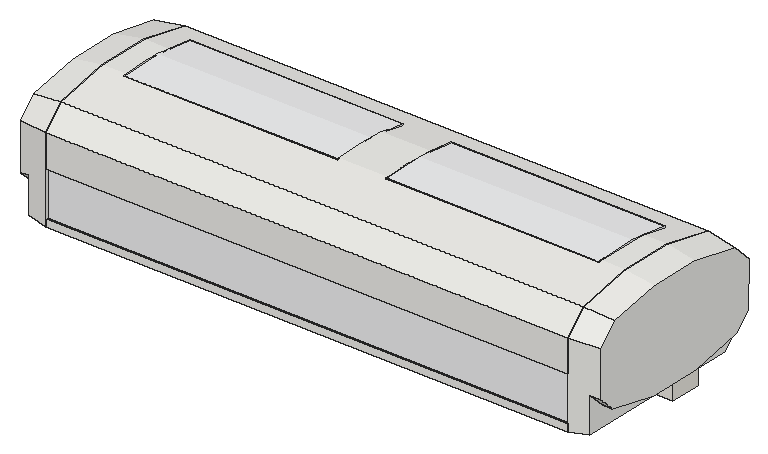
Revit family "Thermoscreens_MechanicalEquipment_AirCurtains_JetOverdoorHeaterx", category Mechanical Equipment, host Face, Revit 2019
Family settings
  Host = Face
  Round Connector Dimension = Use Diameter
  Classification = None
  Part Type = Normal
  Cut with Voids When Loaded = Yes
  Shared = No
  Room Calculation Point = No
Parameters (values of type "Jet 3")
  Weight = 4.50 kg
  WallMounting [instance] = yes
  TypeOfHeating = "Electric"
  Supply = "230V~1P&N"
  NoiseOutput = "46.5 dB(A) @3m"
  MaximumVelocity = "6.0 m/s"
  MaximumAirVolume = "200 m3/h"
  MaintainenceAccessZone [instance] = no
  HeatOutput = "1.5 / 3.0 kW"
  ElectricalInput = "3030 W"
  DischargeAir [instance] = no
  AnglePlacement [instance] = if(Angle = 90.00°, 44.50 mm, 0.00 mm)  # 44.50 mm
  _ObjectUserGuide = "https://www.bimstore.co/products/jet-overdoor-heater/document/object-user-guide"
  _DistributedBy = "www.bimstore.co"
  _CurrentRevision = 1
  _CreatedBy = "www.bimstore.co"
  _BimSpecGuid = 0
  _BSBibleVersion = 16
  _AuthorizedBy = "bimstore"
  _Author = "AM"
  WarrantyStartDate [instance] = "Date of Purchase"
  WarrantyGuarantorParts = "sales@thermoscreens.com"
  WarrantyGuarantorLabor = "sales@thermoscreens.com"
  WarrantyDurationUnit = "Year"
  WarrantyDurationParts = "0"
  WarrantyDurationLabor = "0"
  WarrantyDescription = "n/a"
  NBSOfficeMasterTag = "n/a"
  URL = "https://thermoscreens.com/"
  TypeName = Type Comments  # "Thermoscreens Jet Series Intelligent Overdoor Heater"
  Type Comments = "Thermoscreens Jet Series Intelligent Overdoor Heater"
  SpareParts = "n/a"
  Size = "600 x 120 x 201mm"
  Shape = "n/a"
  SerialNumber [instance] = "Please record on commissioning"
  ReplacementCost = "n/a"
  ReferencedStandard = "n/a"
  ProductionYear = "2022"
  NominalDepth = Depth  # 120.00 mm
  NBSReference = "90-40-35/310"
  NBSObjectName = "Thermoscreens - Overdoor Heater"
  NBSNote = ""
  NBSDescription = "Overdoor Heater"
  ModelReference = Type Comments  # "Thermoscreens Jet Series Intelligent Overdoor Heater"
  ModelNumber = Model  # "Jet 3"
  Model = "Jet 3"
  Material = "n/a"
  ManufacturerName = "Thermoscreens"
  Manufacturer = "Thermoscreens"
  Length = A  # 602.00 mm
  Keynote = "U"
  InstallationDate [instance] = "Please record on commissioning"
  IfcExportType = "AIRCONDITIONINGUNIT"
  IfcExportAs = "IfcUnitaryEquipmentType"
  Height = 201.00 mm  # constant formula
  Grade = "n/a"
  Finish = "n/a"
  Features = "- Lot 20 compliant\r\n- Seven-day timer\r\n- Electric heating\r\n- Remote controlled\r\n- 1 year warranty\r\n- 600mm wide\r\n- Up to 2.3m mounting height\r\n- Standard RAL 9016 (white)\r\n- Two heat settings\r\n- IP20 rated\r\n- ‘Fan only’ option to recirculate air in Summer"
  ExpectedLife = 0
  DurationUnit = "Year"
  DocumentationTechnical = "https://www.bimstore.co/products/jet-overdoor-heater/document/technical-data-sheet"
  DocumentationMaintenance = "https://www.bimstore.co/products/jet-overdoor-heater/document/maintenance-information"
  DocumentationLiterature = "https://www.bimstore.co/products/jet-overdoor-heater/document/product-literature"
  DocumentationInstallationGuide = "https://www.bimstore.co/products/jet-overdoor-heater/document/installation-guide"
  DocumentationCertificates = "https://www.bimstore.co/products/jet-overdoor-heater/document/product-certificates"
  Description = "Lot 20 compliant, intelligent and energy saving the Jet overdoor heater provides warmth and comfort to the surrounding area. This makes it an ideal solution for doorways that are not used regularly and are normally kept shut."
  Depth = 120.00 mm  # constant formula
  CreatedOn = "2022-01-26 T09:00:00"
  CreatedBy = "sales@thermoscreens.com"
  NominalLength = Length  # 602.00 mm
  NominalHeight = Height  # 201.00 mm
  Default Elevation = 0.00 mm
  Constituents = "n/a"
  Color = "RAL 9016"
  CodePerformance = "n/a"
  ClassificationValue = "Pr_70_60_36_02"
  ClassificationName = "Uniclass2015"
  CeilingMounting [instance] = not(WallMounting)  # no
  BarCode [instance] = "Please record on commissioning"
  BIMObjectName = "Thermoscreens_MechanicalEquipment_OverdoorHeater_JetOverdoorHeater_Jet3"
  B = 428.00 mm
  AssetType = "Fixed"
  AssetIdentifier [instance] = "Please record on commissioning"
  Assembly Code = "D3090400"
  Angle [instance] = if(WallMounting, 90.00°, 0.00°)  # 90.00°
  AirIntake [instance] = no
  AccessibilityPerformance = "n/a"
  A = 602.00 mm
Reference planes
  plane 1 "Center (Front/Back)": y = 0
  plane 2: z = 0
  plane 3 "Center (Left/Right)": x = 0
  plane 4: y = 16.5
  plane 5: y = -16.5
  plane 6: z = 46
  plane 7: x = -214
  plane 8: x = 214
  plane 9: x = -301
  plane 10: x = 301
  plane 11: x = -254
  plane 12: x = 254
  plane 13: z = 67.07
  plane 14: z = 37
  plane 15: y = 28
  plane 16: x = -80
Forms (mm)
  Extrusion 1, solid, material "Thermoscreens - Metal - Zinc Plated Steel - PowderCoated - RAL9010"
    sketch origin (0, 0, 0) x (0, 1, 0) y (0, 0, 1)
      loop
        line (16.5, 67.07) -> (-16.5, 67.07) -> (-16.5, 0) -> (16.5, 0) -> (16.5, 67.07)
    from 254 to -254
Lines and regions (mm)
  reference lines
    curve 1: line (0, 28, 46) -> (0, -72, 46)
Dimensions and locks
  equal spacing: plane 4, plane 1 "Center (Front/Back)", plane 5
  locked: plane 4 to plane 5 at 33
  locked: plane 6 to level at 46
  equal spacing: plane 7, plane 3 "Center (Left/Right)", plane 8
  "B": plane 7 to plane 8
  equal spacing: plane 9, plane 3 "Center (Left/Right)", plane 10
  "A": plane 9 to plane 10
  locked: plane 11 to plane 7 at 40
  locked: plane 8 to plane 12 at 40
  locked: plane 13 to plane 6 at 21.07
  plane 14 to level = 37.00 mm
  "AnglePlacement": plane 15 to plane 5
  locked: plane 16 to plane 3 "Center (Left/Right)" at 80
  "Angle": angle curve 1 to plane 15
  aligned and locked: plane 2 to host face
  aligned and locked: level to host face
  aligned and locked: Extrusion 1 sketch curve to plane 5
  aligned and locked: Extrusion 1 sketch curve to plane 4
  aligned and locked: level to Extrusion 1 sketch curve
  aligned and locked: Extrusion 1 to plane 11
  aligned and locked: Extrusion 1 to plane 12
  aligned and locked: plane 3 "Center (Left/Right)" to nested 1
  aligned and locked: Extrusion 1 sketch curve to plane 13
  aligned and locked: plane 6 to curve 1
  aligned and locked: plane 15 to curve 1
  aligned and locked: curve 1 to nested 1
Automatic sketch dimensions
  host sketch curve to host sketch curve = 2500.00 mm  (x2)
Nested families
  nested 1: "JetUnit" at (0, -72.5, 46), AirIntake <- "AirIntake", DischargeAir <- "DischargeAir", MaintenanceAccessZone <- "MaintainenceAccessZone", type "JetUnit"
    with MaintenanceAccessZone no, DischargeAir no, AirIntake no
Connectors
  electrical at (-80, 58, 90)
    settings: on nested 1, index 1, voltage 0 V, apparent load 0 VA, apparent load phase1 0 VA, apparent load phase2 0 VA, apparent load phase3 0 VA, power factor 1, load classification "Other", number of poles 1, system type 30, power factor state 1, is connector primary yes, connector utility no, sub classification motor no, connector description ""
Definition of nested family "JetUnit"
  Parameters (values of type "JetUnit")
    MaintenanceAccessZone [instance] = no
    Length = 602.00 mm
    Height = 120.00 mm
    DischargeAir [instance] = no
    Depth = 201.00 mm
    Default Elevation = 1219.20 mm
    AirIntake [instance] = no
  Reference planes
    plane 1 "Center (Front/Back)": y = 0
    plane 2: z = 0
    plane 3 "Center (Left/Right)": x = 0
    plane 4: x = -301
    plane 5: x = 301
    plane 6: y = 100.5
    plane 7: y = -100.5
    plane 8: z = 120
    plane 9: x = 271
    plane 10: x = -271
    plane 11: y = 95.5
    plane 12: x = -291
    plane 13: x = 291
    plane 14: z = 54.5
    plane 15: z = 7.5
    plane 16: y = -95.5
    plane 17: y = -98
    plane 18: x = -246
    plane 19: x = -25
    plane 20: x = 246
    plane 21: x = 25
    plane 22: y = 55.5
    plane 23: y = -29.5
    plane 24: z = 88
    plane 25: y = -2400.5
    plane 26: x = -80
    plane 27: z = 44
    plane 28: y = 130.5
    plane 29: x = -90
    plane 30: x = -90
    plane 31: through (0, 55.5, 114.362) normal (0, 0.0477, 0.9989)
    plane 32: y = 200.5
    plane 33: y = -300.5
    plane 34: z = 390
  Forms (mm)
    Extrusion 1, solid, detail levels medium+fine
      sketch origin (0, 0, 0) x (0, 1, 0) y (0, 0, 1)
        loop
          line (100.5, 88) -> (80.5, 108)
          arc (80.5, 108) -> (0, 120) -> (-80.5, 108) r 276.01
          line (-80.5, 108) -> (-100.5, 88) -> (-100.5, 44.146)
          arc (-100.5, 44.146) -> (-100.31, 43.19) -> (-99.768, 42.378) r 2.5
          line (-99.768, 42.378) -> (-80.943, 23.553)
          arc (-80.943, 23.553) -> (-80.459, 23.176) -> (-79.898, 22.928) r 2.5
          arc (-79.898, 22.928) -> (0, 11.111) -> (79.898, 22.928) r 276.01
          arc (79.898, 22.928) -> (80.459, 23.176) -> (80.943, 23.553) r 2.5
          line (80.943, 23.553) -> (99.768, 42.378)
          arc (99.768, 42.378) -> (100.31, 43.19) -> (100.5, 44.146) r 2.5
          line (100.5, 44.146) -> (100.5, 88)
        loop
          line (95.5, 85.929) -> (77.852, 103.577)
          arc (77.852, 103.577) -> (0, 115) -> (-77.852, 103.577) r 271.01
          line (-77.852, 103.577) -> (-95.5, 85.929) -> (-95.5, 45.182) -> (-77.852, 27.533)
          arc (-77.852, 27.533) -> (0, 16.111) -> (77.852, 27.533) r 271.01
          line (77.852, 27.533) -> (95.5, 45.182) -> (95.5, 85.929)
      from -271 to 271
    Blend 2, solid, detail levels medium+fine
      base sketch origin (0, 0, 0) x (0, 1, 0) y (0, 0, 1)
        loop
          line (100.5, 88) -> (80.5, 108)
          arc (80.5, 108) -> (0, 120) -> (-80.5, 108) r 276.01
          line (-80.5, 108) -> (-100.5, 88) -> (-100.5, 44.146)
          arc (-100.5, 44.146) -> (-100.31, 43.19) -> (-99.768, 42.378) r 2.5
          line (-99.768, 42.378) -> (-80.943, 23.553)
          arc (-80.943, 23.553) -> (-80.459, 23.176) -> (-79.898, 22.928) r 2.5
          arc (-79.898, 22.928) -> (0, 11.111) -> (79.898, 22.928) r 276.01
          arc (79.898, 22.928) -> (80.459, 23.176) -> (80.943, 23.553) r 2.5
          line (80.943, 23.553) -> (99.768, 42.378)
          arc (99.768, 42.378) -> (100.31, 43.19) -> (100.5, 44.146) r 2.5
          line (100.5, 44.146) -> (100.5, 88)
      top sketch origin (0, 0, 0) x (0, 1, 0) y (0, 0, 1)
        loop
          line (95.5, 45.182) -> (95.5, 85.929) -> (77.852, 103.577)
          arc (77.852, 103.577) -> (0, 115) -> (-77.852, 103.577) r 271.01
          line (-77.852, 103.577) -> (-95.5, 85.929) -> (-95.5, 45.182) -> (-77.852, 27.533)
          arc (-77.852, 27.533) -> (0, 16.111) -> (77.852, 27.533) r 271.01
          line (77.852, 27.533) -> (95.5, 45.182)
      from 271 to 301
    Blend 3, solid, detail levels medium+fine
      base sketch origin (0, 0, 0) x (0, 1, 0) y (0, 0, -1)
        loop
          line (100.5, -88) -> (100.5, -44.146)
          arc (100.5, -44.146) -> (100.31, -43.19) -> (99.768, -42.378) r 2.5
          line (99.768, -42.378) -> (80.943, -23.553)
          arc (80.943, -23.553) -> (80.459, -23.176) -> (79.898, -22.928) r 2.5
          arc (79.898, -22.928) -> (0, -11.111) -> (-79.898, -22.928) r 276.01
          arc (-79.898, -22.928) -> (-80.459, -23.176) -> (-80.943, -23.553) r 2.5
          line (-80.943, -23.553) -> (-99.768, -42.378)
          arc (-99.768, -42.378) -> (-100.31, -43.19) -> (-100.5, -44.146) r 2.5
          line (-100.5, -44.146) -> (-100.5, -88) -> (-80.5, -108)
          arc (-80.5, -108) -> (0, -120) -> (80.5, -108) r 276.01
          line (80.5, -108) -> (100.5, -88)
      top sketch origin (0, 0, 0) x (0, 1, 0) y (0, 0, -1)
        loop
          line (95.5, -45.182) -> (77.852, -27.533)
          arc (77.852, -27.533) -> (0, -16.111) -> (-77.852, -27.533) r 271.01
          line (-77.852, -27.533) -> (-95.5, -45.182) -> (-95.5, -85.929) -> (-77.852, -103.577)
          arc (-77.852, -103.577) -> (0, -115) -> (77.852, -103.577) r 271.01
          line (77.852, -103.577) -> (95.5, -85.929) -> (95.5, -45.182)
      from 271 to 301
    Extrusion 4, solid, detail levels medium+fine
      sketch origin (0, 0, 0) x (0, 1, 0) y (0, 0, 1)
        loop
          line (100.5, 50.182) -> (77.852, 27.533)
          arc (77.852, 27.533) -> (0, 16.111) -> (-77.852, 27.533) r 271.01
          line (-77.852, 27.533) -> (-100.5, 50.182) -> (-100.5, 0) -> (79.427, 0) -> (100.5, 21.073) -> (100.5, 50.182)
      from -271 to 271
    Blend 5, solid, detail levels medium+fine
      base sketch origin (0, 0, 0) x (0, 1, 0) y (0, 0, 1)
        loop
          line (100.5, 66.073) -> (-100.5, 66.073) -> (-100.5, 0) -> (79.427, 0) -> (100.5, 21.073) -> (100.5, 66.073)
      top sketch origin (0, 0, 0) x (0, 1, 0) y (0, 0, 1)
        loop
          line (95.5, 66.073) -> (-95.5, 66.073) -> (-95.5, 5) -> (77.356, 5) -> (95.5, 23.144) -> (95.5, 66.073)
      from -271 to -301
    Blend 6, solid, detail levels medium+fine
      base sketch origin (0, 0, 0) x (0, 1, 0) y (0, 0, -1)
        loop
          line (100.5, -66.073) -> (100.5, -21.073) -> (79.427, 0) -> (-100.5, 0) -> (-100.5, -66.073) -> (100.5, -66.073)
      top sketch origin (0, 0, 0) x (0, 1, 0) y (0, 0, -1)
        loop
          line (95.5, -66.073) -> (95.5, -23.144) -> (77.356, -5) -> (-95.5, -5) -> (-95.5, -66.073) -> (95.5, -66.073)
      from -271 to -301
    Extrusion 7, void
      sketch origin (0, 0, 0) x (0, 1, 0) y (0, 0, 1)
        loop
          line (100.5, 0) -> (100.5, 44.146)
          arc (100.5, 44.146) -> (100.31, 43.19) -> (99.768, 42.378) r 2.5
          line (99.768, 42.378) -> (80.943, 23.553)
          arc (80.943, 23.553) -> (80.459, 23.176) -> (79.898, 22.928) r 2.5
          arc (79.898, 22.928) -> (0, 11.111) -> (-79.898, 22.928) r 276.01
          arc (-79.898, 22.928) -> (-80.459, 23.176) -> (-80.943, 23.553) r 2.5
          line (-80.943, 23.553) -> (-99.768, 42.378)
          arc (-99.768, 42.378) -> (-100.31, 43.19) -> (-100.5, 44.146) r 2.5
          line (-100.5, 44.146) -> (-100.5, 0) -> (100.5, 0)
      from -301 to -291
    Extrusion 8, void
      sketch origin (0, 0, 0) x (0, 1, 0) y (0, 0, -1)
        loop
          line (100.5, 0) -> (-100.5, 0) -> (-100.5, -44.146)
          arc (-100.5, -44.146) -> (-100.31, -43.19) -> (-99.768, -42.378) r 2.5
          line (-99.768, -42.378) -> (-80.943, -23.553)
          arc (-80.943, -23.553) -> (-80.459, -23.176) -> (-79.898, -22.928) r 2.5
          arc (-79.898, -22.928) -> (0, -11.111) -> (79.898, -22.928) r 276.01
          arc (79.898, -22.928) -> (80.459, -23.176) -> (80.943, -23.553) r 2.5
          line (80.943, -23.553) -> (99.768, -42.378)
          arc (99.768, -42.378) -> (100.31, -43.19) -> (100.5, -44.146) r 2.5
          line (100.5, -44.146) -> (100.5, 0)
      from -301 to -291
    Extrusion 9, void
      sketch origin (0, 0, 0) x (1, 0, 0) y (0, 0, 1)
        loop
          line (-271, 54.5) -> (-271, 7.5) -> (271, 7.5) -> (271, 54.5) -> (-271, 54.5)
      from 0 to 100.5
    Extrusion 10, solid, detail levels medium+fine
      sketch origin (0, 0, 0) x (0, 1, 0) y (0, 0, 1)
        loop
          line (-95.5, 54.5) -> (-98, 54.5) -> (-98, 7.5) -> (-95.5, 7.5) -> (-95.5, 54.5)
      from -271 to 271
    Extrusion 11, void
      sketch origin (-1367.325, -1524, 120) x (-1, 0, 0) y (0, -1, 0)
        loop
          line (-1121.325, -1579.5) -> (-1121.325, -1494.5) -> (-1342.325, -1494.5) -> (-1342.325, -1579.5) -> (-1121.325, -1579.5)
        loop
          line (-1392.325, -1579.5) -> (-1392.325, -1494.5) -> (-1613.325, -1494.5) -> (-1613.325, -1579.5) -> (-1392.325, -1579.5)
      from 0 to -65.5
    Extrusion 12, solid, detail levels medium+fine
      sketch origin (0, 0, 0) x (0, 1, 0) y (0, 0, 1)
        loop
          arc (55.5, 114.362) -> (13.157, 119.686) -> (-29.5, 118.419) r 276.01
          line (-29.5, 118.419) -> (-29.5, 113.39)
          arc (-29.5, 113.39) -> (13.163, 114.68) -> (55.5, 109.256) r 271.01
          line (55.5, 109.256) -> (55.5, 114.362)
      from 25 to 246
    Extrusion 13, solid, detail levels medium+fine
      sketch origin (0, 0, 0) x (0, 1, 0) y (0, 0, 1)
        loop
          arc (55.5, 114.362) -> (13.157, 119.686) -> (-29.5, 118.419) r 276.01
          line (-29.5, 118.419) -> (-29.5, 113.39)
          arc (-29.5, 113.39) -> (13.163, 114.68) -> (55.5, 109.256) r 271.01
          line (55.5, 109.256) -> (55.5, 114.362)
      from -25 to -246
    Extrusion 14, solid, detail levels coarse
      sketch origin (0, 0, 0) x (0, 1, 0) y (0, 0, 1)
        loop
          line (-100.5, 120) -> (-100.5, 0) -> (79.427, 0) -> (100.5, 21.073) -> (100.5, 120) -> (-100.5, 120)
      from 271 to -271
    Extrusion 15, solid, detail levels coarse
      sketch origin (0, 0, 0) x (0, 1, 0) y (0, 0, 1)
        loop
          line (-100.5, 120) -> (-100.5, 0) -> (79.427, 0) -> (100.5, 21.073) -> (100.5, 120) -> (-100.5, 120)
      from -271 to -301
    Extrusion 16, solid, detail levels coarse
      sketch origin (0, 0, 0) x (0, 1, 0) y (0, 0, -1)
        loop
          line (-100.5, -120) -> (100.5, -120) -> (100.5, -21.073) -> (79.427, 0) -> (-100.5, 0) -> (-100.5, -120)
      from -271 to -301
    Extrusion 17, solid, visible <- "DischargeAir"
      sketch origin (0, 0, 0) x (0, 1, 0) y (0, 0, 1)
        loop
          line (-100.5, 54.5) -> (-2400.5, 94.647) -> (-2400.5, -32.647) -> (-100.5, 7.5) -> (-100.5, 54.5)
      from 271 to -271
    Revolve 18, solid, detail levels medium+fine
      sketch origin (-1367.325, -1524, 44) x (-1, 0, 0) y (0, -1, 0)
        loop
          line (-1287.325, -1624.5) -> (-1287.325, -1654.5) -> (-1280.414, -1654.5) -> (-1277.325, -1651.411) -> (-1277.325, -1635.369) -> (-1278.511, -1634.685) -> (-1278.511, -1630.185) -> (-1277.325, -1629.5) -> (-1277.325, -1624.5) -> (-1287.325, -1624.5)
        axis (-1287.325, -1654.5) -> (-1287.325, -1624.5)
      angle from 0 to 360
    Revolve 19, solid, detail levels coarse
      sketch origin (-1367.325, -1524, 44) x (-1, 0, 0) y (0, -1, 0)
        loop
          line (-1277.325, -1624.5) -> (-1287.325, -1624.5) -> (-1287.325, -1654.5) -> (-1277.325, -1654.5) -> (-1277.325, -1624.5)
        axis (-1287.325, -1654.5) -> (-1287.325, -1624.5)
      angle from 0 to 360
    Extrusion 20, solid, visible <- "AirIntake"
      sketch origin (0, 0, 0) x (0, 1, 0) y (0, 0, 1)
        loop
          line (55.5, 114.362) -> (81.152, 184.839)
          arc (81.152, 184.839) -> (13.454, 202.115) -> (-55.152, 188.896) r 160.005
          line (-55.152, 188.896) -> (-29.5, 118.419)
          arc (-29.5, 118.419) -> (13.157, 119.686) -> (55.5, 114.362) r 276.01
      from 246 to -246
    Extrusion 21, solid, visible <- "MaintenanceAccessZone"
      sketch origin (0, 0, 0) x (0, 1, 0) y (0, 0, 1)
        loop
          line (200.5, 120) -> (100.5, 120) -> (100.5, 0) -> (200.5, 0) -> (200.5, 120)
        loop
          line (-100.5, 120) -> (-300.5, 120) -> (-300.5, 0) -> (-100.5, 0) -> (-100.5, 120)
      from 301 to -301
    Extrusion 22, solid, visible <- "MaintenanceAccessZone"
      sketch origin (0, 0, 0) x (0, 1, 0) y (0, 0, 1)
        loop
          line (100.5, 390) -> (-100.5, 390) -> (-100.5, 120) -> (100.5, 120) -> (100.5, 390)
      from 301 to -301
  Cuts and joins
    Extrusion 9, Extrusion 11 cuts Extrusion 1
    Extrusion 9, Extrusion 11 cuts Extrusion 4
    joined: Extrusion 1, Extrusion 4
    Extrusion 8 cuts Blend 3
    Extrusion 7, Extrusion 8 cuts Blend 5
    joined: Blend 3, Blend 5
    Extrusion 8 cuts Blend 6
    joined: Blend 2, Blend 6
  Lines and regions (mm)
    model lines, detail levels coarse
      curve 1: line (-246, 55.5, 120) -> (-25, 55.5, 120)
      curve 2: line (-246, -29.5, 120) -> (-246, 55.5, 120)
      curve 3: line (-25, -29.5, 120) -> (-246, -29.5, 120)
      curve 4: line (-25, 55.5, 120) -> (-25, -29.5, 120)
      curve 5: line (25, 55.5, 120) -> (246, 55.5, 120)
      curve 6: line (25, -29.5, 120) -> (25, 55.5, 120)
      curve 7: line (246, -29.5, 120) -> (25, -29.5, 120)
      curve 8: line (246, 55.5, 120) -> (246, -29.5, 120)
      curve 9: line (-246, 41.333, 120) -> (-25, 41.333, 120)
      curve 10: line (-246, 27.167, 120) -> (-25, 27.167, 120)
      curve 11: line (-246, 13, 120) -> (-25, 13, 120)
      curve 12: line (-246, -1.167, 120) -> (-25, -1.167, 120)
      curve 13: line (-246, -15.333, 120) -> (-25, -15.333, 120)
      curve 14: line (25, 41.333, 120) -> (246, 41.333, 120)
      curve 15: line (25, 27.167, 120) -> (246, 27.167, 120)
      curve 16: line (25, 13, 120) -> (246, 13, 120)
      curve 17: line (25, -1.167, 120) -> (246, -1.167, 120)
      curve 18: line (25, -15.333, 120) -> (246, -15.333, 120)
      curve 19: line (-271, -100.5, 54.5) -> (271, -100.5, 54.5)
      curve 20: line (-271, -100.5, 7.5) -> (-271, -100.5, 54.5)
      curve 21: line (271, -100.5, 7.5) -> (-271, -100.5, 7.5)
      curve 22: line (271, -100.5, 54.5) -> (271, -100.5, 7.5)
      curve 23: line (-271, -100.5, 41.071) -> (271, -100.5, 41.071)
      curve 24: line (-271, -100.5, 34.357) -> (271, -100.5, 34.357)
      curve 25: line (-271, -100.5, 27.643) -> (271, -100.5, 27.643)
      curve 26: line (271, -100.5, 20.929) -> (-271, -100.5, 20.929)
      curve 27: line (-271, -100.5, 14.214) -> (271, -100.5, 14.214)
      curve 28: line (-271, -100.5, 47.786) -> (271, -100.5, 47.786)
  Dimensions and locks
    equal spacing: plane 4, plane 3 "Center (Left/Right)", plane 5
    "Length": plane 4 to plane 5
    equal spacing: plane 6, plane 1 "Center (Front/Back)", plane 7
    "Depth": plane 6 to plane 7
    "Height": plane 8 to level
    locked: plane 4 to plane 10 at 30
    locked: plane 9 to plane 5 at 30
    locked: plane 12 to plane 4 at 10
    locked: plane 13 to plane 5 at 10
    plane 15 to level = 7.50 mm
    locked: plane 14 to plane 15 at 47
    equal spacing: plane 7, plane 17, plane 16
    locked: plane 7 to plane 16 at 5
    locked: plane 10 to plane 18 at 25
    locked: plane 19 to plane 3 "Center (Left/Right)" at 25
    locked: plane 3 "Center (Left/Right)" to plane 21 at 25
    locked: plane 20 to plane 9 at 25
    locked: plane 6 to plane 22 at 45
    locked: plane 22 to plane 23 at 85
    locked: plane 8 to plane 24 at 32
    locked: plane 7 to plane 25 at 2300
    locked: plane 26 to plane 3 "Center (Left/Right)" at 80
    locked: plane 8 to plane 27 at 76
    locked: plane 28 to plane 6 at 30
    plane 29 to plane 26 = 10.00 mm
    locked: plane 30 to plane 26 at 10
    locked: plane 30 to Revolve 18 sketch curve at 1.186
    plane 32 to plane 6 = 100.00 mm
    plane 7 to plane 33 = 200.00 mm
    locked: plane 34 to plane 8 at 270
    locked: plane 14 to Extrusion 17 sketch curve (angle 1.00°)
    locked: Extrusion 17 sketch curve to plane 15 (angle 1.00°)
    locked: plane 22 to Extrusion 20 sketch curve (angle 20.00°)
    locked: Extrusion 20 sketch curve to plane 23 (angle 20.00°)
    aligned and locked: level to plane 2
    aligned and locked: Extrusion 1 to plane 10
    aligned and locked: Extrusion 1 to plane 9
    aligned and locked: plane 9 to Blend 2
    aligned and locked: Blend 2 to plane 5
    aligned and locked: plane 10 to Blend 3
    aligned and locked: Blend 3 to plane 4
    aligned and locked: cut or joined group of Extrusion 1, Extrusion 4, Extrusion 9, Extrusion 11 to plane 10
    aligned and locked: cut or joined group of Extrusion 1, Extrusion 4, Extrusion 9, Extrusion 11 to plane 9
    aligned and locked: Blend 5 to plane 10
    aligned and locked: Blend 5 to plane 4
    aligned and locked: plane 12 to Extrusion 7
    aligned and locked: Extrusion 8 to plane 5
    aligned and locked: plane 13 to Extrusion 8
    aligned and locked: plane 10 to Extrusion 9 sketch curve
    aligned and locked: plane 15 to Extrusion 9 sketch curve
    aligned and locked: Extrusion 9 sketch curve to plane 14
    aligned and locked: plane 9 to Extrusion 9 sketch curve
    aligned and locked: Extrusion 9 to plane 1 "Center (Front/Back)"
    aligned and locked: plane 7 to Extrusion 9
    aligned and locked: Extrusion 10 sketch curve to plane 17
    aligned and locked: plane 16 to Extrusion 10 sketch curve
    aligned and locked: Extrusion 10 sketch curve to plane 14
    aligned and locked: plane 15 to Extrusion 10 sketch curve
    aligned and locked: Extrusion 10 to plane 10
    aligned and locked: Extrusion 10 to plane 9
    aligned and locked: plane 18 to Extrusion 11 sketch curve
    aligned and locked: Extrusion 11 sketch curve to plane 22  (x2)
    aligned and locked: plane 23 to Extrusion 11 sketch curve  (x2)
    aligned and locked: Extrusion 11 sketch curve to plane 19
    aligned and locked: Extrusion 11 sketch curve to plane 21
    aligned and locked: plane 20 to Extrusion 11 sketch curve
    aligned and locked: Extrusion 11 to plane 8
    aligned and locked: Extrusion 11 to plane 14
    aligned and locked: plane 22 to Extrusion 12 sketch curve
    aligned and locked: plane 23 to Extrusion 12 sketch curve
    aligned and locked: plane 22 to Extrusion 13 sketch curve
    aligned and locked: plane 23 to Extrusion 13 sketch curve
    aligned and locked: Extrusion 13 to plane 18
    aligned and locked: plane 19 to Extrusion 13
    aligned and locked: plane 21 to Extrusion 12
    aligned and locked: Extrusion 12 to plane 20
    aligned and locked: Blend 6 to plane 5
    aligned and locked: plane 9 to Blend 6
    aligned and locked: Extrusion 7 to plane 4
    aligned and locked: plane 6 to Extrusion 14 sketch curve
    aligned and locked: plane 8 to Extrusion 14 sketch curve
    aligned and locked: plane 7 to Extrusion 14 sketch curve
    aligned and locked: Extrusion 14 sketch curve to level
    aligned and locked: Extrusion 14 to plane 10
    aligned and locked: Extrusion 14 to plane 9
    aligned and locked: plane 8 to Extrusion 15 sketch curve
    aligned and locked: plane 7 to Extrusion 15 sketch curve
    aligned and locked: Extrusion 15 sketch curve to level
    aligned and locked: plane 6 to Extrusion 15 sketch curve
    aligned and locked: plane 10 to Extrusion 15
    aligned and locked: Extrusion 15 to plane 4
    aligned and locked: plane 9 to Extrusion 16
    aligned and locked: Extrusion 16 to plane 5
    aligned and locked: plane 18 to curve 2
    aligned and locked: curve 1 to plane 22
    aligned and locked: plane 23 to curve 3
    aligned and locked: curve 4 to plane 19
    aligned and locked: curve 6 to plane 21
    aligned and locked: plane 23 to curve 7
    aligned and locked: curve 5 to plane 22
    aligned and locked: plane 20 to curve 8
    aligned and locked: curve 19 to plane 14
    aligned and locked: plane 15 to curve 21
    aligned and locked: plane 10 to curve 20
    aligned and locked: plane 9 to curve 22
    aligned and locked: Extrusion 17 to plane 10
    aligned and locked: Extrusion 17 to plane 9
    aligned and locked: plane 26 to Revolve 18 sketch curve
    aligned and locked: Revolve 18 sketch curve to plane 26
    aligned and locked: Revolve 19 sketch curve to plane 28
    aligned and locked: Revolve 19 sketch curve to plane 26  (x2)
    aligned and locked: plane 6 to Revolve 19 sketch curve
    aligned and locked: Revolve 19 sketch curve to plane 29
    aligned and locked: Revolve 18 sketch curve to plane 30  (x2)
    aligned and locked: Revolve 18 sketch curve to plane 28
    aligned and locked: plane 14 to Extrusion 17 sketch curve
    aligned and locked: plane 15 to Extrusion 17 sketch curve
    aligned and locked: Extrusion 17 sketch curve to plane 7
    aligned and locked: Extrusion 17 sketch curve to plane 25
    aligned and locked: plane 31 to Extrusion 20 sketch curve
    aligned and locked: plane 22 to Extrusion 20 sketch curve
    aligned and locked: Extrusion 20 sketch curve to plane 31
    aligned and locked: plane 23 to Extrusion 20 sketch curve
    aligned and locked: Extrusion 20 to plane 18
    aligned and locked: Extrusion 20 to plane 20
    aligned and locked: plane 32 to Extrusion 21 sketch curve
    aligned and locked: level to Extrusion 21 sketch curve  (x2)
    aligned and locked: plane 6 to Extrusion 21 sketch curve
    aligned and locked: Extrusion 21 sketch curve to plane 8  (x2)
    aligned and locked: plane 7 to Extrusion 21 sketch curve
    aligned and locked: Extrusion 21 sketch curve to plane 33
    aligned and locked: Extrusion 21 to plane 4
    aligned and locked: Extrusion 21 to plane 5
    aligned and locked: Extrusion 22 sketch curve to plane 34
    aligned and locked: Extrusion 22 sketch curve to plane 6
    aligned and locked: Extrusion 22 sketch curve to plane 7
    aligned and locked: Extrusion 22 to plane 5
  Automatic sketch dimensions
    Extrusion 1 sketch curve to Extrusion 1 sketch curve = 0.00 mm  (x5)
    Extrusion 1 sketch curve to plane 7 = 0.00 mm
    Extrusion 1 sketch curve to plane 17 = 0.00 mm
    Extrusion 1 sketch curve to plane 16 = 0.00 mm
    Extrusion 1 sketch curve to plane 1 "Center (Front/Back)" = 0.00 mm  (x2)
    Extrusion 1 sketch curve to plane 11 = 0.00 mm
    Extrusion 1 sketch curve to plane 6 = 0.00 mm
    Extrusion 1 sketch curve to plane 7 = 0.732 mm
    Extrusion 1 sketch curve to plane 16 = 14.557 mm
    Extrusion 1 sketch curve to plane 16 = 15.00 mm
    Extrusion 1 sketch curve to Extrusion 1 sketch curve = 1.768 mm  (x4)
    Extrusion 1 sketch curve to Extrusion 1 sketch curve = 2.648 mm  (x2)
    Extrusion 1 sketch curve to Extrusion 1 sketch curve = 1.323 mm  (x2)
    Extrusion 1 sketch curve to plane 11 = 17.648 mm  (x2)
    Extrusion 1 sketch curve to Extrusion 1 sketch curve = 2.50 mm
    Extrusion 1 sketch curve to plane 6 = 0.732 mm
    Extrusion 1 sketch curve to level = 156.01 mm
    plane 15 to Extrusion 1 sketch curve = 16.053 mm  (x2)
    Extrusion 1 sketch curve to Extrusion 1 sketch curve = 2.212 mm
    Extrusion 1 sketch curve to plane 14 = 12.122 mm  (x2)
    Extrusion 1 sketch curve to Extrusion 1 sketch curve = 1.036 mm  (x2)
    plane 14 to Extrusion 1 sketch curve = 31.429 mm  (x2)
    Extrusion 1 sketch curve to Extrusion 1 sketch curve = 2.071 mm  (x2)
    Extrusion 1 sketch curve to plane 8 = 16.423 mm
    Extrusion 1 sketch curve to Extrusion 1 sketch curve = 4.423 mm
    plane 8 to Extrusion 1 sketch curve = 167.121 mm
    Blend 2 sketch curve to plane 7 = 0.00 mm
    Blend 2 sketch curve to plane 17 = 0.00 mm
    Blend 2 sketch curve to plane 1 "Center (Front/Back)" = 0.00 mm  (x4)
    Blend 2 sketch curve to plane 6 = 0.00 mm
    Blend 2 sketch curve to plane 7 = 0.732 mm
    Blend 2 sketch curve to plane 16 = 14.557 mm
    Blend 2 sketch curve to plane 16 = 15.00 mm
    Blend 2 sketch curve to Blend 2 sketch curve = 1.768 mm  (x4)
    Blend 2 sketch curve to plane 11 = 16.325 mm
    Blend 2 sketch curve to plane 11 = 15.00 mm
    Blend 2 sketch curve to plane 6 = 2.50 mm
    Blend 2 sketch curve to plane 6 = 0.732 mm
    Blend 2 sketch curve to level = 156.01 mm  (x2)
    plane 15 to Blend 2 sketch curve = 16.053 mm  (x2)
    Blend 2 sketch curve to plane 14 = 12.122 mm  (x2)
    Blend 2 sketch curve to plane 8 = 32.00 mm  (x2)
    Blend 2 sketch curve to plane 8 = 12.00 mm
    plane 8 to Blend 2 sketch curve = 167.121 mm  (x2)
    Blend 2 sketch curve to Blend 2 sketch curve = 0.00 mm
    Blend 2 sketch curve to plane 16 = 0.00 mm
    Blend 2 sketch curve to plane 11 = 0.00 mm
    Blend 2 sketch curve to plane 16 = 17.648 mm  (x2)
    Blend 2 sketch curve to plane 11 = 17.648 mm  (x2)
    plane 15 to Blend 2 sketch curve = 20.033 mm
    Blend 2 sketch curve to plane 14 = 9.318 mm  (x2)
    plane 14 to Blend 2 sketch curve = 31.429 mm  (x2)
    Blend 2 sketch curve to plane 8 = 16.423 mm
    Blend 3 sketch curve to plane 7 = 0.00 mm
    Blend 3 sketch curve to plane 17 = 0.00 mm
    Blend 3 sketch curve to plane 1 "Center (Front/Back)" = 0.00 mm  (x4)
    Blend 3 sketch curve to plane 6 = 0.00 mm
    Blend 3 sketch curve to plane 7 = 0.732 mm
    Blend 3 sketch curve to plane 16 = 14.557 mm
    Blend 3 sketch curve to plane 16 = 15.00 mm
    Blend 3 sketch curve to Blend 3 sketch curve = 1.768 mm  (x4)
    Blend 3 sketch curve to plane 11 = 16.325 mm
    Blend 3 sketch curve to plane 11 = 15.00 mm
    Blend 3 sketch curve to plane 6 = 2.50 mm
    Blend 3 sketch curve to plane 6 = 0.732 mm
    plane 8 to Blend 3 sketch curve = 167.121 mm  (x2)
    Blend 3 sketch curve to plane 8 = 12.00 mm
    Blend 3 sketch curve to Blend 3 sketch curve = 20.00 mm  (x2)
    Blend 3 sketch curve to plane 14 = 10.354 mm  (x2)
    plane 15 to Blend 3 sketch curve = 17.821 mm  (x2)
    Blend 3 sketch curve to level = 156.01 mm  (x2)
    Blend 3 sketch curve to Blend 3 sketch curve = 0.00 mm
    Blend 3 sketch curve to plane 16 = 0.00 mm
    Blend 3 sketch curve to plane 11 = 0.00 mm
    Blend 3 sketch curve to plane 16 = 17.648 mm  (x2)
    Blend 3 sketch curve to plane 11 = 17.648 mm  (x2)
    Blend 3 sketch curve to plane 8 = 16.423 mm
    Blend 3 sketch curve to Blend 3 sketch curve = 17.648 mm  (x2)
    Blend 3 sketch curve to plane 14 = 9.318 mm  (x2)
    plane 15 to Blend 3 sketch curve = 20.033 mm
    Extrusion 4 sketch curve to plane 7 = 0.00 mm
    Extrusion 4 sketch curve to plane 1 "Center (Front/Back)" = 0.00 mm
    Extrusion 4 sketch curve to level = 0.00 mm
    Extrusion 4 sketch curve to plane 6 = 0.00 mm
    Extrusion 4 sketch curve to plane 16 = 17.648 mm
    Extrusion 4 sketch curve to plane 11 = 17.648 mm
    Extrusion 4 sketch curve to plane 11 = 16.073 mm
    plane 15 to Extrusion 4 sketch curve = 13.573 mm
    plane 15 to Extrusion 4 sketch curve = 20.033 mm
    Extrusion 4 sketch curve to plane 14 = 4.318 mm  (x2)
    plane 8 to Extrusion 4 sketch curve = 167.121 mm
    Blend 5 sketch curve to level = 0.00 mm
    Blend 5 sketch curve to plane 7 = 0.00 mm
    Blend 5 sketch curve to plane 6 = 0.00 mm
    Blend 5 sketch curve to plane 11 = 16.073 mm
    plane 15 to Blend 5 sketch curve = 13.573 mm
    plane 14 to Blend 5 sketch curve = 11.573 mm  (x2)
    Blend 5 sketch curve to plane 16 = 0.00 mm
    Blend 5 sketch curve to plane 11 = 0.00 mm
    Blend 5 sketch curve to plane 15 = 2.50 mm
    Blend 5 sketch curve to plane 11 = 18.144 mm
    plane 15 to Blend 5 sketch curve = 15.644 mm
    Blend 6 sketch curve to level = 0.00 mm
    Blend 6 sketch curve to plane 7 = 0.00 mm
    Blend 6 sketch curve to plane 6 = 0.00 mm
    Blend 6 sketch curve to plane 11 = 16.073 mm
    plane 15 to Blend 6 sketch curve = 13.573 mm
    plane 14 to Blend 6 sketch curve = 11.573 mm  (x2)
    Blend 6 sketch curve to plane 16 = 0.00 mm
    Blend 6 sketch curve to plane 11 = 0.00 mm
    Blend 6 sketch curve to plane 15 = 2.50 mm
    Blend 6 sketch curve to plane 11 = 18.144 mm
    plane 15 to Blend 6 sketch curve = 15.644 mm
    Extrusion 7 sketch curve to plane 7 = 0.00 mm
    Extrusion 7 sketch curve to plane 17 = 0.00 mm
    Extrusion 7 sketch curve to plane 1 "Center (Front/Back)" = 0.00 mm
    Extrusion 7 sketch curve to plane 6 = 0.00 mm
    Extrusion 7 sketch curve to level = 0.00 mm
    Extrusion 7 sketch curve to plane 7 = 0.732 mm
    Extrusion 7 sketch curve to plane 16 = 14.557 mm
    Extrusion 7 sketch curve to Extrusion 7 sketch curve = 1.768 mm  (x4)
    Extrusion 7 sketch curve to plane 11 = 16.325 mm
    Extrusion 7 sketch curve to plane 6 = 2.50 mm
    Extrusion 7 sketch curve to plane 6 = 0.732 mm
    plane 15 to Extrusion 7 sketch curve = 16.053 mm  (x2)
    Extrusion 7 sketch curve to plane 14 = 12.122 mm  (x2)
    plane 8 to Extrusion 7 sketch curve = 167.121 mm
    Extrusion 7 sketch curve to Extrusion 7 sketch curve = 0.00 mm
    Extrusion 8 sketch curve to plane 7 = 0.00 mm
    Extrusion 8 sketch curve to plane 17 = 0.00 mm
    Extrusion 8 sketch curve to plane 1 "Center (Front/Back)" = 0.00 mm
    Extrusion 8 sketch curve to plane 6 = 0.00 mm
    Extrusion 8 sketch curve to level = 0.00 mm
    Extrusion 8 sketch curve to plane 7 = 0.732 mm
    Extrusion 8 sketch curve to plane 16 = 14.557 mm
    Extrusion 8 sketch curve to Extrusion 8 sketch curve = 1.768 mm  (x4)
    Extrusion 8 sketch curve to plane 11 = 16.325 mm
    Extrusion 8 sketch curve to plane 6 = 2.50 mm
    Extrusion 8 sketch curve to plane 6 = 0.732 mm
    plane 15 to Extrusion 8 sketch curve = 16.053 mm  (x2)
    Extrusion 8 sketch curve to plane 14 = 12.122 mm  (x2)
    plane 8 to Extrusion 8 sketch curve = 167.121 mm
    Extrusion 8 sketch curve to Extrusion 8 sketch curve = 0.00 mm
    Extrusion 12 sketch curve to Extrusion 12 sketch curve = 0.00 mm  (x2)
    Extrusion 12 sketch curve to plane 1 "Center (Front/Back)" = 0.00 mm
    Extrusion 12 sketch curve to level = 156.01 mm
    Extrusion 12 sketch curve to plane 8 = 10.744 mm
    Extrusion 12 sketch curve to Extrusion 12 sketch curve = 5.106 mm
    Extrusion 13 sketch curve to Extrusion 13 sketch curve = 0.00 mm  (x2)
    Extrusion 13 sketch curve to plane 1 "Center (Front/Back)" = 0.00 mm
    Extrusion 13 sketch curve to level = 156.01 mm
    Extrusion 13 sketch curve to plane 8 = 10.744 mm
    Extrusion 13 sketch curve to Extrusion 13 sketch curve = 5.106 mm
    Extrusion 14 sketch curve to plane 11 = 16.073 mm
    plane 15 to Extrusion 14 sketch curve = 13.573 mm
    Extrusion 15 sketch curve to plane 11 = 16.073 mm
    plane 15 to Extrusion 15 sketch curve = 13.573 mm
    Extrusion 16 sketch curve to plane 7 = 0.00 mm
    Extrusion 16 sketch curve to level = 0.00 mm
    Extrusion 16 sketch curve to plane 6 = 0.00 mm
    Extrusion 16 sketch curve to plane 8 = 0.00 mm
    Extrusion 16 sketch curve to plane 11 = 16.073 mm
    plane 15 to Extrusion 16 sketch curve = 13.573 mm
    curve 14 to plane 22 = 14.167 mm
    curve 9 to plane 22 = 14.167 mm
    curve 9 to curve 10 = 14.167 mm
    curve 14 to curve 15 = 14.167 mm
    curve 11 to plane 1 "Center (Front/Back)" = 13.00 mm
    curve 16 to plane 1 "Center (Front/Back)" = 13.00 mm
    plane 1 "Center (Front/Back)" to curve 17 = 1.167 mm
    plane 1 "Center (Front/Back)" to curve 12 = 1.167 mm
    curve 12 to curve 13 = 14.167 mm
    curve 18 to curve 7 = 14.167 mm
    curve 20 to curve 27 = 6.714 mm
    curve 27 to curve 26 = 6.714 mm
    curve 26 to curve 25 = 6.714 mm
    curve 25 to curve 24 = 6.714 mm
    curve 24 to curve 23 = 6.714 mm
    plane 14 to curve 28 = 6.714 mm
    plane 28 to Revolve 19 sketch curve = 10.00 mm
    Revolve 19 sketch curve to Revolve 19 sketch curve = 10.00 mm
    Revolve 18 sketch curve to plane 6 = 0.00 mm
    Revolve 18 sketch curve to Revolve 18 sketch curve = 6.911 mm
    plane 6 to Revolve 18 sketch curve = 10.869 mm
    Revolve 18 sketch curve to Revolve 18 sketch curve = 0.685 mm  (x2)
    Revolve 18 sketch curve to Revolve 18 sketch curve = 4.50 mm
    Revolve 18 sketch curve to plane 28 = 3.089 mm
    plane 28 to Revolve 18 sketch curve = 25.00 mm
    plane 22 to Revolve 18 sketch curve = 10.00 mm
    Extrusion 20 sketch curve to plane 1 "Center (Front/Back)" = 0.00 mm
    Extrusion 20 sketch curve to plane 27 = 1.82 mm
    Extrusion 20 sketch curve to plane 1 "Center (Front/Back)" = 8.694 mm
    Extrusion 20 sketch curve to plane 23 = 25.652 mm
    plane 8 to Extrusion 22 sketch curve = 0.00 mm
